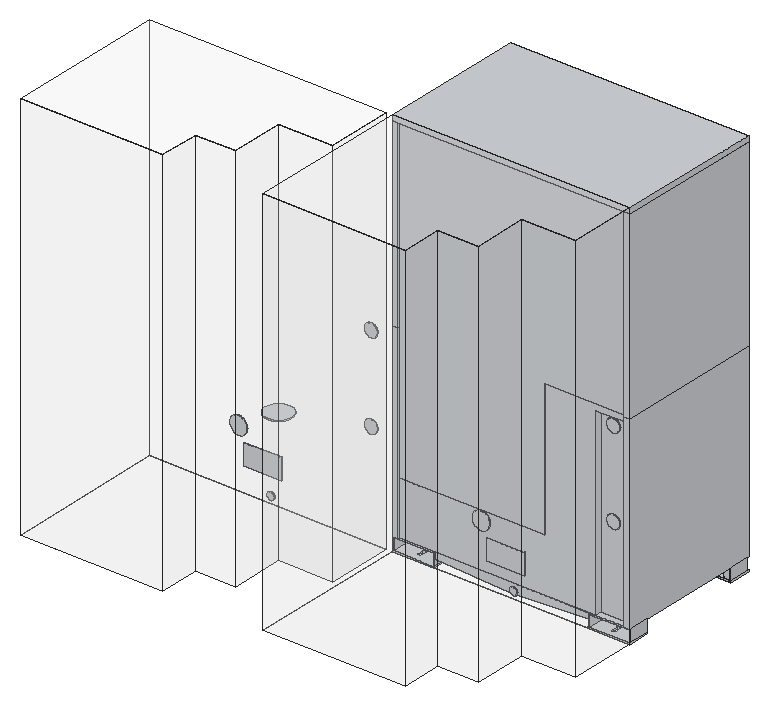
Revit family "pqhy-p224_1000(s)dmg9_60Hz", category 機械設備, Revit 2019
Family settings
  丸型コネクタ寸法 = 直径を使用
  パーツ タイプ = 標準
  OmniClass 番号 = 23.75.10.24.21.27.27
  OmniClass タイトル = Split System Air Conditioning Units
  作業面ベース = いいえ
  常に垂直 = はい
  ロード時にボイドで切り取り = いいえ
  共有 = いいえ
  部屋計算ポイント = いいえ
Parameters (values of type "PQHY-P1000SDMG9")
  音響パワーレベル(dB) = 74.5
  電源種別 = ""
  電源径 = 65.00 mm  # constant formula
  電圧 = 200 V
  電動機出力_送風機 = 0 kW
  電動機出力_圧縮機 = 24.6 kW
  集中コントローラ [instance] = ""
  運転質量 = 500.00 kg
  運転方法 = "冷暖切替"
  質量 = 0.00 kg
  負荷分類 = 1_熱源類
  説明 = "ビル用マルチエアコン 室外ユニット シティマルチWY Eeco"
  設計暖房能力 [instance] = 0 kW
  設計冷房能力_顕熱 [instance] = 0 kW
  設計冷房能力 [instance] = 0 kW
  設置方法 = "床置形"
  記号 [instance] = ""
  製造元 = "三菱電機株式会社"
  製品質量 = 490.00 kg
  製品出荷対象 = "国内"
  製品リリース年月 = "2024/4/26"
  製品グループ = ""
  系統 [instance] = ""
  符号 = "EHP"
  積算_科目 = "1 空気調和設備"
  積算_拾い区分 [instance] = ""
  相 = 3
  盤記号 [instance] = ""
  発停方法 = "付属スイッチ"
  特殊仕様 [instance] = ""
  熱源水量 = 23.04 m³/h
  熱源水管径 = 48.60 mm
  熱源水入口温度_暖房 = 20
  熱源水入口温度_冷房 = 30
  消費電力_暖房 = 17.5 kW
  消費電力_冷房 = 24.6 kW
  消費電力 = if(消費電力_冷房 > 消費電力_暖房, 消費電力_冷房, 消費電力_暖房)  # 24.6 kW
  法定耐用年数 = "15"
  水配管出口径 = 水配管入口径  # 48.60 mm
  水配管入口径 = 48.60 mm  # constant formula
  水熱交換機器　保有水量 = 18.4
  機械基礎質量 [instance] = 0.00 kg
  機械基礎_W = 0.00 mm
  機械基礎_H = 0.00 mm
  機械基礎_D = 0.00 mm
  機械基礎 [instance] = no
  極数 = 3
  材質 [instance] = ""
  本体マテリアル = none
  最小電線太さ_mm2 = 100
  最大電流値 = 121.5 A
  暖房能力 = 112 kW
  損失水頭_熱源水一次側 = 90000.0 Pa
  推奨ブレーカー容量 = 150 A
  形式 = "マルチパッケージ形 室外機"
  冷媒液管径 = 19.05 mm
  冷媒ガス管径 = 38.10 mm
  ユニット2 = PQHY-P-DMG② : PQHY-P500DMG9
  幹線記号 [instance] = ""
  始動方式 = "インバーター"
  呼称 = "マルチパッケージ形空気調和機"
  周波数 = 60 Hz
  参照している仕様書等のバージョン = "公共建築工事標準仕様書（機械設備工事編）平成31年度版"
  分類コード = "50053005200000"
  分類グループ = ""
  冷房能力 = 100 kW
  冷媒管長 [instance] = 0.00 mm
  冷媒管径符号 = "Ek"
  冷媒管径 = 100.00 mm  # constant formula
  価格 = 0
  企業コード = "108420"
  付属品 [instance] = ""
  仕様書バージョン = "Version1.0"
  ユニット数 = 2
  ユニット2電源高さ = ユニット1電源高さ  # 216.00 mm
  ユニット2電源幅 = ユニット1電源幅  # 554.00 mm
  ユニット2ダクト左位置 = ユニット1ダクト左位置  # 393.00 mm
  ユニット2ダクト下位置 = ユニット1ダクト下位置  # 89.00 mm
  ユニット2水配管出口高さ = ユニット1水配管出口高さ  # 320.00 mm
  ユニット2水配管出口幅 = ユニット1水配管出口幅  # 82.00 mm
  ユニット2水配管入口高さ = ユニット1水配管入口高さ  # 367.00 mm
  ユニット2水配管入口幅 = ユニット1水配管入口幅  # 82.00 mm
  ユニット2冷媒液管径 = 15.88 mm
  ユニット2冷媒管高さ = ユニット1冷媒管高さ  # 254.00 mm
  ユニット2冷媒管幅 = ユニット1冷媒管幅  # 467.50 mm
  ユニット2冷媒管奥行き = ユニット1冷媒管奥行き  # 82.00 mm
  ユニット2冷媒ガス管径 = 28.58 mm
  ユニット2ドレン高さ = ユニット1ドレン高さ  # 23.00 mm
  ユニット2ドレン幅 = ユニット1ドレン幅  # 434.00 mm
  ユニット2表示 = yes
  ユニット1 = PQHY-P-DMG② : PQHY-P500DMG9
  ユニット1電源高さ = 216.00 mm
  ユニット1電源幅 = 554.00 mm
  ユニット1ダクト左位置 = 393.00 mm
  ユニット1ダクト下位置 = 89.00 mm  # constant formula
  ユニット1水配管出口高さ = 320.00 mm
  ユニット1水配管出口幅 = ユニット1水配管入口幅  # 82.00 mm
  ユニット1水配管入口高さ = 367.00 mm
  ユニット1水配管入口幅 = 82.00 mm
  ユニット1冷媒液管径 = 15.88 mm
  ユニット1冷媒管高さ = 254.00 mm
  ユニット1冷媒管幅 = 467.50 mm
  ユニット1冷媒管奥行き = 82.00 mm
  ユニット1冷媒ガス管径 = 28.58 mm
  ユニット1ドレン高さ = 23.00 mm  # constant formula
  ユニット1ドレン幅 = 434.00 mm
  モデル = "PQHY-P1000SDMG9"
  ドレン管径 = 27.20 mm  # constant formula
  ダクト高 = 77 mm  # constant formula
  ダクト幅 = 140 mm  # constant formula
  サービススペース = yes
  ユニット間隔 = 20.00 mm  # constant formula
  コメント [instance] = ""
  Keynote = ""
  Width = 880.00 mm
  Version = ""
  Uniclass2015Version = "Systems v1.9"
  Uniclass2015Title = "Split coil remote air cooled condensing units"
  Uniclass2015Code = "Pr_70_65_03_84"
  URL = "https://www.mitsubishielectric.co.jp/ldg/wink/qr/002/332089/"
  SpecificationReference = ""
  SpecificationDescription = ""
  Revision = ""
  ProductInformation = ""
  OmniClassCode = "23-33 17 13 11"
  OUTLINE2 = outline_w : outline_L
  OUTLINE1 = outline_w : outline_L
  MAX風量 = 0 m³/h
  IfcTypeProduct = ""
  IfcProduct = ""
  IfcExportType = "AIRCONDITIONINGUNIT"
  IfcExportAs = "IfcUnitaryEquipmentType"
  Height = 1450.00 mm
  Depth = 550.00 mm
  Clearance Top = 0.00 mm
  Clearance Right = 0.00 mm
  Clearance Left = 0.00 mm
  Clearance Front = 600.00 mm
  Clearance Back = 0.00 mm
  COP = 0
  Author = "三菱電機株式会社"
  APF = 0
Reference planes
  plane 1: z = 0
  plane 2: z = 1450
  plane 3: z = 1450
  plane 4 "中心(正面/背面)": y = 275
  plane 5 "中心(左/右)": x = 1340
  plane 6 "左": x = 0
  plane 7 "正面": y = 0
  plane 8 "背面": y = 550
  plane 9: x = 880
  plane 10: x = 900
  plane 11: x = 1780
  plane 12: y = -150
  plane 13: y = 550
  plane 14: y = -600
  plane 15: x = 0
  plane 16: x = 1780
  plane 17: x = 440
  plane 18: y = 5
  plane 19: y = 4
  plane 20: y = 29
  plane 21: y = 28
  plane 22: x = 1698
  plane 23: x = 798
  plane 24: z = 687
  plane 25: z = 367
  plane 26: z = 367
  plane 27: z = 687
  plane 28: x = 446
  plane 29: x = 1346
  plane 30: z = 23
  plane 31: z = 23
  plane 32: x = 326
  plane 33: x = 1226
  plane 34: z = 216
  plane 35: z = 216
  plane 36: x = 487
  plane 37: x = 347
  plane 38: x = 1387
  plane 39: x = 1247
  plane 40: z = 166
  plane 41: z = 89
  plane 42: z = 166
  plane 43: z = 89
  plane 44: x = 412.5
  plane 45: x = 1312.5
  plane 46: y = 82
  plane 47: y = 82
  plane 48: z = 254
  plane 49: z = 255
  plane 50: z = 254
  plane 51: z = 255
Forms (mm)
  Extrusion 1, solid, detail levels fine
    sketch origin (0, 275, 0) x (1, 0, 0) y (0, 0, 1)
      loop
        circle (798, 687) r 24.3
      loop
        circle (798, 367) r 24.3
    from 246 to 247
  Extrusion 2, solid, visible <- "ユニット2表示", detail levels fine
    sketch origin (0, 275, 0) x (1, 0, 0) y (0, 0, 1)
      loop
        circle (1698, 687) r 24.3
      loop
        circle (1698, 367) r 24.3
    from 246 to 247
  Extrusion 3, solid, detail levels fine
    sketch origin (0, 275, 0) x (1, 0, 0) y (0, 0, 1)
      loop
        circle (446, 23) r 13.6
    from 270 to 271
  Extrusion 4, solid, visible <- "ユニット2表示", detail levels fine
    sketch origin (0, 275, 0) x (1, 0, 0) y (0, 0, 1)
      loop
        circle (1346, 23) r 13.6
    from 270 to 271
  Extrusion 5, solid, visible <- "ユニット2表示", detail levels fine
    sketch origin (0, 275, 0) x (1, 0, 0) y (0, 0, 1)
      loop
        circle (1226, 216) r 32.5
    from 270 to 271
  Extrusion 6, solid, detail levels fine
    sketch origin (0, 275, 0) x (1, 0, 0) y (0, 0, 1)
      loop
        circle (326, 216) r 32.5
    from 270 to 271
  Extrusion 7, solid, visible <- "ユニット2表示", detail levels fine
    sketch origin (0, 275, 0) x (1, 0, 0) y (0, 0, 1)
      loop
        line (1247, 166) -> (1247, 89) -> (1387, 89) -> (1387, 166) -> (1247, 166)
    from 270 to 271
  Extrusion 8, solid, detail levels fine
    sketch origin (0, 275, 0) x (1, 0, 0) y (0, 0, 1)
      loop
        line (347, 89) -> (487, 89) -> (487, 166) -> (347, 166) -> (347, 89)
    from 270 to 271
  Extrusion 9, solid, detail levels fine
    sketch origin (0, 0, 0) x (1, 0, 0) y (0, 1, 0)
      loop
        circle (412.5, 82) r 50
    from 254 to 255
  Extrusion 10, solid, visible <- "ユニット2表示", detail levels fine
    sketch origin (0, 0, 0) x (1, 0, 0) y (0, 1, 0)
      loop
        circle (1312.5, 82) r 50
    from 254 to 255
Dimensions and locks
  "Clearance Top": plane 3 to plane 2
  equal spacing: plane 7 "正面", plane 4 "中心(正面/背面)", plane 8 "背面"
  "Width": plane 6 "左" to plane 9
  "Width": plane 10 to plane 11
  "ユニット間隔": plane 9 to plane 10
  "Clearance Back": plane 13 to plane 8 "背面"
  "Clearance Front": plane 14 to plane 7 "正面"
  "Clearance Left": plane 15 to plane 6 "左"
  "Depth": plane 7 "正面" to plane 8 "背面"
  equal spacing: plane 6 "左", plane 17, plane 9
  equal spacing: plane 10, plane 5 "中心(左/右)", plane 11
  "Clearance Right": plane 11 to plane 16
  "Height": plane 2 to level
  locked: plane 19 to plane 18 at 1
  locked: plane 7 "正面" to plane 18 at 5
  locked: plane 21 to plane 20 at 1
  locked: plane 7 "正面" to plane 20 at 29
  "ユニット2水配管入口幅": plane 11 to plane 22
  "ユニット1水配管入口幅": plane 9 to plane 23
  "ユニット1水配管入口高さ": plane 25 to plane 1
  "ユニット1水配管出口高さ": plane 24 to plane 25
  "ユニット2水配管入口高さ": plane 26 to plane 1
  "ユニット2水配管出口高さ": plane 27 to plane 26
  "ユニット2ドレン高さ": plane 30 to plane 1
  "ユニット1ドレン幅": plane 9 to plane 28
  "ユニット2ドレン幅": plane 11 to plane 29
  "ユニット1ドレン高さ": plane 31 to plane 1
  "ユニット1電源高さ": plane 35 to plane 1
  "ユニット1電源幅": plane 9 to plane 32
  "ユニット2電源高さ": plane 34 to plane 1
  "ユニット2電源幅": plane 11 to plane 33
  "ユニット1ダクト左位置": plane 9 to plane 36
  "ダクト幅": plane 36 to plane 37
  "ユニット2ダクト左位置": plane 11 to plane 38
  "ダクト幅": plane 38 to plane 39
  "ユニット1ダクト下位置": plane 41 to plane 1
  "ダクト高": plane 42 to plane 43
  "ユニット2ダクト下位置": plane 43 to plane 1
  "ダクト高": plane 40 to plane 41
  "ユニット1冷媒管奥行き": plane 7 "正面" to plane 46
  "ユニット2冷媒管奥行き": plane 7 "正面" to plane 47
  "ユニット1冷媒管幅": plane 9 to plane 44
  "ユニット2冷媒管幅": plane 11 to plane 45
  locked: plane 49 to plane 48 at 1
  locked: plane 51 to plane 50 at 1
  "ユニット1冷媒管高さ": plane 48 to plane 1
  "ユニット2冷媒管高さ": plane 50 to plane 1
  "水配管出口径": diameter of Extrusion 1 sketch curve
  "水配管入口径": diameter of Extrusion 1 sketch curve
  "水配管出口径": diameter of Extrusion 2 sketch curve
  "水配管入口径": diameter of Extrusion 2 sketch curve
  "ドレン管径": diameter of Extrusion 3 sketch curve
  "ドレン管径": diameter of Extrusion 4 sketch curve
  "電源径": diameter of Extrusion 6 sketch curve
  "電源径": diameter of Extrusion 5 sketch curve
  "冷媒管径": diameter of Extrusion 9 sketch curve
  "冷媒管径": diameter of Extrusion 10 sketch curve
  aligned and locked: level to plane 1
  aligned and locked: nested 1 to plane 14
  aligned and locked: plane 1 to nested 1
  aligned and locked: plane 3 to nested 1
  aligned and locked: plane 4 "中心(正面/背面)" to nested 2
  aligned and locked: plane 7 "正面" to nested 1
  aligned and locked: nested 3 to plane 14
  aligned and locked: plane 7 "正面" to nested 3
  aligned and locked: plane 3 to nested 3
  aligned and locked: plane 24 to Extrusion 1 sketch curve
  aligned and locked: plane 25 to Extrusion 1 sketch curve
  aligned and locked: plane 23 to Extrusion 1 sketch curve  (x2)
  aligned and locked: Extrusion 1 to plane 20
  aligned and locked: plane 21 to Extrusion 1
  aligned and locked: plane 27 to Extrusion 2 sketch curve
  aligned and locked: plane 22 to Extrusion 2 sketch curve  (x2)
  aligned and locked: plane 26 to Extrusion 2 sketch curve
  aligned and locked: Extrusion 2 to plane 20
  aligned and locked: plane 21 to Extrusion 2
  aligned and locked: plane 28 to Extrusion 3 sketch curve
  aligned and locked: plane 30 to Extrusion 4 sketch curve
  aligned and locked: plane 29 to Extrusion 4 sketch curve
  aligned and locked: Extrusion 4 to plane 18
  aligned and locked: plane 19 to Extrusion 4
  aligned and locked: plane 18 to Extrusion 3
  aligned and locked: plane 19 to Extrusion 3
  aligned and locked: plane 31 to Extrusion 3 sketch curve
  aligned and locked: plane 35 to Extrusion 6 sketch curve
  aligned and locked: plane 32 to Extrusion 6 sketch curve
  aligned and locked: plane 34 to Extrusion 5 sketch curve
  aligned and locked: plane 33 to Extrusion 5 sketch curve
  aligned and locked: Extrusion 6 to plane 18
  aligned and locked: plane 19 to Extrusion 6
  aligned and locked: Extrusion 5 to plane 18
  aligned and locked: plane 19 to Extrusion 5
  aligned and locked: Extrusion 7 sketch curve to plane 42
  aligned and locked: plane 39 to Extrusion 7 sketch curve
  aligned and locked: plane 43 to Extrusion 7 sketch curve
  aligned and locked: Extrusion 7 sketch curve to plane 38
  aligned and locked: Extrusion 7 to plane 18
  aligned and locked: plane 19 to Extrusion 7
  aligned and locked: Extrusion 8 sketch curve to plane 41
  aligned and locked: plane 37 to Extrusion 8 sketch curve
  aligned and locked: plane 40 to Extrusion 8 sketch curve
  aligned and locked: Extrusion 8 sketch curve to plane 36
  aligned and locked: Extrusion 8 to plane 18
  aligned and locked: plane 19 to Extrusion 8
  aligned and locked: plane 46 to Extrusion 9 sketch curve
  aligned and locked: plane 44 to Extrusion 9 sketch curve
  aligned and locked: plane 47 to Extrusion 10 sketch curve
  aligned and locked: plane 45 to Extrusion 10 sketch curve
  aligned and locked: plane 51 to Extrusion 10
  aligned and locked: Extrusion 10 to plane 50
  aligned and locked: plane 49 to Extrusion 9
  aligned and locked: Extrusion 9 to plane 48
  aligned and locked: plane 10 to nested 2
  aligned and locked: nested 2 to plane 16
  aligned and locked: plane 15 to nested 4
  aligned and locked: nested 4 to plane 9
  aligned and locked: plane 4 "中心(正面/背面)" to nested 5
  aligned and locked: plane 17 to nested 5
  aligned and locked: plane 4 "中心(正面/背面)" to nested 6
  aligned and locked: plane 5 "中心(左/右)" to nested 6
Nested families
  nested 1: "サービススペース(pqhy-p)" at (1340, -300, 725), type "サービススペース(pqhy-p)"
    with 表示 yes, Width 880.00 mm, Height 1450.00 mm, Depth 600.00 mm
  nested 2: "PQHY-P-DMG②" at (1340, 275, 0), type <- "ユニット1", ⑥水配管-径 <- "水配管入口径", ⑧ドレン-H <- "ユニット1ドレン高さ", ⑧ドレン-W <- "ユニット1ドレン幅", ⑧ドレン-径 <- "ドレン管径", ⑥水配管-H <- "ユニット1水配管入口高さ", ⑥水配管-W <- "ユニット1水配管入口幅", ⑦水配管-H <- "ユニット1水配管出口高さ", ①-H <- "ユニット1ダクト下位置", ①-W <- "ユニット1ダクト左位置", ①配管用-H <- "ダクト高", ①配管用-W <- "ダクト幅", ③電源-H <- "ユニット1電源高さ", ③電源-W <- "ユニット1電源幅", ③電源-径 <- "電源径", 圧-径 <- "冷媒管径", マテリアル1 <- "本体マテリアル", 液-H <- "ユニット1冷媒管高さ", ガス-径 <- "ユニット1冷媒ガス管径", 液-径 <- "ユニット1冷媒液管径", type "PQHY-P500DMG9"
    with 高 1450.00 mm, 液-径 15.88 mm, 液-W 83.00 mm, 液-H 254.00 mm, 液-D 82.00 mm, 幅 880.00 mm, 奥行 550.00 mm, 圧-径 100.00 mm, 吊りボルト-径 14.00 mm, 吊りボルト-W 721.00 mm, 吊りボルト-D 473.00 mm, ユニット表示 yes, マテリアル2 none, マテリアル1 none, ガス-径 28.58 mm, ガス-W 426.00 mm, ガス-H 188.00 mm, ガス-D 84.00 mm, ⑧ドレン-径 27.20 mm, ⑧ドレン-W 434.00 mm, ⑧ドレン-H 23.00 mm, ⑦水配管-径 48.60 mm, ⑦水配管-W 82.00 mm, ⑦水配管-H 320.00 mm, ⑥水配管-径 48.60 mm, ⑥水配管-W 82.00 mm, ⑥水配管-H 367.00 mm, ③電源-径 65.00 mm, ③電源-W 554.00 mm, ③電源-H 216.00 mm, ①配管用-W 140.00 mm, ①配管用-H 77.00 mm, ①-W 393.00 mm, ①-H 89.00 mm
  nested 3: "サービススペース(pqhy-p)" at (440, -300, 725), 表示 <- "ユニット2表示", type "サービススペース(pqhy-p)"
    with 表示 yes, Width 880.00 mm, Height 1450.00 mm, Depth 600.00 mm
  nested 4: "PQHY-P-DMG②" at (440, 275, 0), マテリアル1 <- "本体マテリアル", ①-H <- "ユニット2ダクト下位置", ①-W <- "ユニット2ダクト左位置", ①配管用-H <- "ダクト高", ①配管用-W <- "ダクト幅", ③電源-H <- "ユニット2電源高さ", ③電源-W <- "ユニット2電源幅", ③電源-径 <- "電源径", ⑥水配管-H <- "ユニット2水配管入口高さ", ⑥水配管-W <- "ユニット2水配管入口幅", ⑥水配管-径 <- "水配管入口径", ⑦水配管-H <- "ユニット2水配管出口高さ", ⑧ドレン-H <- "ユニット2ドレン高さ", ⑧ドレン-W <- "ユニット2ドレン幅", ⑧ドレン-径 <- "ドレン管径", 圧-径 <- "冷媒管径", ユニット表示 <- "ユニット2表示", ガス-径 <- "ユニット1冷媒ガス管径", 液-径 <- "ユニット2冷媒液管径", type <- "ユニット2", type "PQHY-P500DMG9", not visible, detail levels fine
    with 高 1450.00 mm, 液-径 15.88 mm, 液-W 83.00 mm, 液-H 254.00 mm, 液-D 82.00 mm, 幅 880.00 mm, 奥行 550.00 mm, 圧-径 100.00 mm, 吊りボルト-径 14.00 mm, 吊りボルト-W 721.00 mm, 吊りボルト-D 473.00 mm, ユニット表示 yes, マテリアル2 none, マテリアル1 none, ガス-径 28.58 mm, ガス-W 426.00 mm, ガス-H 188.00 mm, ガス-D 84.00 mm, ⑧ドレン-径 27.20 mm, ⑧ドレン-W 434.00 mm, ⑧ドレン-H 23.00 mm, ⑦水配管-径 48.60 mm, ⑦水配管-W 82.00 mm, ⑦水配管-H 320.00 mm, ⑥水配管-径 48.60 mm, ⑥水配管-W 82.00 mm, ⑥水配管-H 367.00 mm, ③電源-径 65.00 mm, ③電源-W 554.00 mm, ③電源-H 216.00 mm, ①配管用-W 140.00 mm, ①配管用-H 77.00 mm, ①-W 393.00 mm, ①-H 89.00 mm
  nested 5: "outline_w" at (440, 275, 0), type <- "OUTLINE2", ユニット2 <- "ユニット2表示", OUTLINE表示 <- "ユニット2表示", Height <- "Height", type "outline_L", detail levels coarse+medium
    with ユニット2 yes, Width 880.00 mm, OUTLINE表示 yes, Height 1450.00 mm, Depth 550.00 mm
  nested 6: "outline_w" at (1340, 275, 0), type <- "OUTLINE1", Height <- "Height", type "outline_L"
    with ユニット2 yes, Width 880.00 mm, OUTLINE表示 yes, Height 1450.00 mm, Depth 550.00 mm
Connectors
  piping at (1312.5, 82, 254), diameter 100, driven by "冷媒管径", driven by "冷媒管径符号"
    settings: on Extrusion 10, index 1, connector inside diameter 609.60 mm, connector length 0.00 mm, flow factor 0, pipe flow 0.0 m³/h, pressure drop 0.0 Pa, fitting loss kfactor 0, connector angle 0.00°, fixture units 0, engagement length 0.00 mm, angle of deflection 0.00°, flow configuration 1, flow direction 2, fitting loss method 4, system type 7, joint type 0, gender type 0, connector reference index -1, connector utility 0, adjustable connector no, is connector primary yes, connector description "Ek"
  piping at (412.5, 82, 254), diameter 100, driven by "冷媒管径", driven by "冷媒管径符号"
    settings: on Extrusion 9, index 2, connector inside diameter 609.60 mm, connector length 0.00 mm, flow factor 0, pipe flow 0.0 m³/h, pressure drop 0.0 Pa, fitting loss kfactor 0, connector angle 0.00°, fixture units 0, engagement length 0.00 mm, angle of deflection 0.00°, flow configuration 1, flow direction 2, fitting loss method 4, system type 7, joint type 0, gender type 0, connector reference index -1, connector utility 0, adjustable connector no, is connector primary no, connector description "Ek"
  electrical at (1226, 4, 216), driven by "極数", driven by "負荷分類", driven by "電圧", driven by "消費電力"
    settings: on Extrusion 5, index 3, voltage 200 V, apparent load 24600 VA, apparent load phase1 0 VA, apparent load phase2 0 VA, apparent load phase3 0 VA, power factor 1, load classification "1_熱源類", number of poles 3, system type 30, power factor state 1, is connector primary yes, connector utility no, sub classification motor no, connector description ""
  electrical at (326, 4, 216), driven by "極数", driven by "負荷分類", driven by "電圧", driven by "消費電力"
    settings: on Extrusion 6, index 4, voltage 200 V, apparent load 24600 VA, apparent load phase1 0 VA, apparent load phase2 0 VA, apparent load phase3 0 VA, power factor 1, load classification "1_熱源類", number of poles 3, system type 30, power factor state 1, is connector primary no, connector utility no, sub classification motor no, connector description ""
  hvac at (1317, 4, 127.5), driven by "ダクト高", driven by "ダクト幅", driven by "冷媒管径符号"
    settings: on Extrusion 7, index 5, duct flow 0 m³/h, flow factor 0, pres drop 0.0 Pa, loss coef 0, conn angle 0.00°, conn width 140 mm, conn height 77 mm, conn diameter 609.6 mm, duct sys type 29, conn prof type 1, flow config 1, flow direction 2, loss method 4, conn ref index -1, conn util no, is conn primary yes, conn desc "Ek"
  hvac at (417, 4, 127.5), driven by "ダクト高", driven by "ダクト幅", driven by "冷媒管径符号"
    settings: on Extrusion 8, index 6, duct flow 0 m³/h, flow factor 0, pres drop 0.0 Pa, loss coef 0, conn angle 0.00°, conn width 140 mm, conn height 77 mm, conn diameter 609.6 mm, duct sys type 29, conn prof type 1, flow config 1, flow direction 2, loss method 4, conn ref index -1, conn util no, is conn primary no, conn desc "Ek"
  piping at (1346, 4, 23), diameter 27.2, driven by "ドレン管径"
    settings: on Extrusion 4, index 7, connector inside diameter 609.60 mm, connector length 0.00 mm, flow factor 0, pipe flow 0.0 m³/h, pressure drop 0.0 Pa, fitting loss kfactor 0, connector angle 0.00°, fixture units 0, engagement length 0.00 mm, angle of deflection 0.00°, flow configuration 1, flow direction 2, fitting loss method 4, system type 16, joint type 0, gender type 0, connector reference index -1, connector utility 0, adjustable connector no, is connector primary no, connector description ""
  piping at (446, 4, 23), diameter 27.2, driven by "ドレン管径"
    settings: on Extrusion 3, index 8, connector inside diameter 609.60 mm, connector length 0.00 mm, flow factor 0, pipe flow 0.0 m³/h, pressure drop 0.0 Pa, fitting loss kfactor 0, connector angle 0.00°, fixture units 0, engagement length 0.00 mm, angle of deflection 0.00°, flow configuration 1, flow direction 2, fitting loss method 4, system type 16, joint type 0, gender type 0, connector reference index -1, connector utility 0, adjustable connector no, is connector primary no, connector description ""
  piping at (798, 28, 367), diameter 48.6, driven by "水配管入口径", driven by "熱源水量", driven by "損失水頭_熱源水一次側"
    settings: on Extrusion 1, index 9, connector inside diameter 609.60 mm, connector length 0.00 mm, flow factor 0, pipe flow 23.04 m³/h, pressure drop 90000.0 Pa, fitting loss kfactor 0, connector angle 0.00°, fixture units 0, engagement length 0.00 mm, angle of deflection 0.00°, flow configuration 1, flow direction 1, fitting loss method 4, system type 8, joint type 0, gender type 0, connector reference index -1, connector utility 0, adjustable connector no, is connector primary no, connector description ""
  piping at (798, 28, 687), diameter 48.6, driven by "水配管出口径", driven by "熱源水量", driven by "損失水頭_熱源水一次側"
    settings: on Extrusion 1, index 10, connector inside diameter 609.60 mm, connector length 0.00 mm, flow factor 0, pipe flow 23.04 m³/h, pressure drop 90000.0 Pa, fitting loss kfactor 0, connector angle 0.00°, fixture units 0, engagement length 0.00 mm, angle of deflection 0.00°, flow configuration 1, flow direction 2, fitting loss method 4, system type 7, joint type 0, gender type 0, connector reference index -1, connector utility 0, adjustable connector no, is connector primary no, connector description ""
  piping at (1698, 28, 687), diameter 48.6, driven by "水配管出口径", driven by "熱源水量", driven by "損失水頭_熱源水一次側"
    settings: on Extrusion 2, index 11, connector inside diameter 609.60 mm, connector length 0.00 mm, flow factor 0, pipe flow 23.04 m³/h, pressure drop 90000.0 Pa, fitting loss kfactor 0, connector angle 0.00°, fixture units 0, engagement length 0.00 mm, angle of deflection 0.00°, flow configuration 1, flow direction 2, fitting loss method 4, system type 7, joint type 0, gender type 0, connector reference index -1, connector utility 0, adjustable connector no, is connector primary no, connector description ""
  piping at (1698, 28, 367), diameter 48.6, driven by "水配管入口径", driven by "熱源水量", driven by "損失水頭_熱源水一次側"
    settings: on Extrusion 2, index 12, connector inside diameter 609.60 mm, connector length 0.00 mm, flow factor 0, pipe flow 23.04 m³/h, pressure drop 90000.0 Pa, fitting loss kfactor 0, connector angle 0.00°, fixture units 0, engagement length 0.00 mm, angle of deflection 0.00°, flow configuration 1, flow direction 1, fitting loss method 4, system type 8, joint type 0, gender type 0, connector reference index -1, connector utility 0, adjustable connector no, is connector primary no, connector description ""
Definition of nested family "サービススペース(pqhy-p)"
  Parameters (values of type "サービススペース")
    表示 [instance] = yes
    Width [instance] = 880.00 mm
    Height [instance] = 500.00 mm
    Depth [instance] = 600.00 mm
  Reference planes
    plane 1 "中心(正面/背面)": y = 0
    plane 2: z = 0
    plane 3 "中心(左/右)": x = 0
    plane 4: y = -300
    plane 5: x = 440
    plane 6: y = 300
    plane 7: x = -440
    plane 8: z = 250
    plane 9: z = -250
    plane 10: y = 50
    plane 11: y = -150
    plane 12: x = 240
    plane 13: x = 90
  Forms (mm)
    Extrusion 1, solid, visible <- "表示"
      sketch origin (-638.939, 0, 72.39) x (1, 0, 0) y (0, 1, 0)
        loop
          line (198.939, 300) -> (198.939, -300) -> (728.939, -300) -> (728.939, -150) -> (878.939, -150) -> (878.939, 50) -> (1078.939, 50) -> (1078.939, 300) -> (198.939, 300)
      from -322.39 to 177.61
  Lines and regions (mm)
    symbolic lines
      curve 1: line (-440, 0, 250) -> (440, 0, 250)
      curve 2: line (-440, 0, -250) -> (-440, 0, 250)
      curve 3: line (440, 0, -250) -> (-440, 0, -250)
      curve 4: line (440, 0, 250) -> (440, 0, -250)
      curve 5: line (0, -300, 250) -> (0, 300, 250)
      curve 6: line (0, -300, -250) -> (0, -300, 250)
      curve 7: line (0, 300, -250) -> (0, -300, -250)
      curve 8: line (0, 300, 250) -> (0, 300, -250)
    symbolic lines, visible <- "表示"
      curve 9: line (-440, 300, 0) -> (440, 300, 0)
      curve 10: line (-440, -300, 0) -> (-440, 300, 0)
      curve 11: line (90, -300, 0) -> (-440, -300, 0)
      curve 12: line (440, 300, 0) -> (440, 50, 0)
      curve 13: line (240, 50, 0) -> (440, 50, 0)
      curve 14: line (240, -150, 0) -> (240, 50, 0)
      curve 15: line (90, -150, 0) -> (240, -150, 0)
      curve 16: line (90, -300, 0) -> (90, -150, 0)
  Dimensions and locks
    equal spacing: plane 7, plane 3 "中心(左/右)", plane 5
    equal spacing: plane 4, plane 1 "中心(正面/背面)", plane 6
    "Depth": plane 4 to plane 6
    "Width": plane 7 to plane 5
    equal spacing: plane 8, plane 2, plane 9
    "Height": plane 8 to plane 9
    locked: plane 10 to plane 6 at 250
    locked: plane 11 to plane 6 at 450
    locked: plane 12 to plane 5 at 200
    locked: plane 13 to plane 5 at 350
    aligned and locked: plane 9 to curve 3
    aligned and locked: plane 7 to curve 2
    aligned and locked: curve 4 to plane 5
    aligned and locked: plane 5 to Extrusion 1
    aligned and locked: Extrusion 1 to plane 7
    aligned and locked: Extrusion 1 to plane 9
    aligned and locked: plane 8 to Extrusion 1
    aligned and locked: plane 9 to curve 7
    aligned and locked: Extrusion 1 sketch curve to plane 10
    aligned and locked: Extrusion 1 sketch curve to plane 12
    aligned and locked: Extrusion 1 sketch curve to plane 13
    aligned and locked: Extrusion 1 sketch curve to plane 11
    aligned and locked: curve 13 to Extrusion 1
    aligned and locked: curve 14 to Extrusion 1
    aligned and locked: curve 15 to Extrusion 1
    aligned and locked: curve 16 to Extrusion 1
  Automatic sketch dimensions
    plane 4 to Extrusion 1 sketch curve = 0.00 mm
    Extrusion 1 sketch curve to plane 7 = 0.00 mm
    plane 6 to Extrusion 1 sketch curve = 0.00 mm
    curve 2 to plane 8 = 0.00 mm
    plane 4 to curve 11 = 0.00 mm
    curve 11 to plane 7 = 0.00 mm
    plane 6 to curve 10 = 0.00 mm
    curve 7 to plane 4 = 0.00 mm
    curve 7 to plane 6 = 0.00 mm
    curve 6 to plane 8 = 0.00 mm
    Extrusion 1 sketch curve to plane 5 = 0.00 mm
    curve 12 to plane 5 = 0.00 mm
Definition of nested family "PQHY-P-DMG②"
  Parameters (values of type "PQHY-P670DMG9")
    高 [instance] = 1450.00 mm
    液-径 [instance] = 19.05 mm
    液-W [instance] = 83.00 mm
    液-H [instance] = 254.00 mm
    液-D [instance] = 82.00 mm
    圧-径 [instance] = 100.00 mm
    ガス-径 [instance] = 25.40 mm
    ガス-W [instance] = 426.00 mm
    ガス-H [instance] = 188.00 mm
    ガス-D [instance] = 84.00 mm
    ⑦水配管-径 [instance] = [⑥水配管-径]  # 52.00 mm
    ⑦水配管-W [instance] = [⑥水配管-W]  # 82.00 mm
    ⑦水配管-H [instance] = 320.00 mm
    ⑥水配管-径 [instance] = 52.00 mm
    ⑥水配管-W [instance] = 82.00 mm
    ⑥水配管-H [instance] = 367.00 mm
    ③電源-径 [instance] = 65.00 mm
    ③電源-W [instance] = 554.00 mm
    ③電源-H [instance] = 216.00 mm
    ユニット表示 [instance] = yes
    幅 [instance] = 880.00 mm
    奥行 [instance] = 550.00 mm
    吊りボルト-径 [instance] = 14.00 mm
    吊りボルト-W [instance] = 721.00 mm
    吊りボルト-D [instance] = 473.00 mm
    マテリアル2 [instance] = none
    マテリアル1 [instance] = none
    ⑧ドレン-径 [instance] = 26.00 mm
    ⑧ドレン-W [instance] = 434.00 mm
    ⑧ドレン-H [instance] = 23.00 mm
    ①配管用-W [instance] = 140.00 mm
    ①配管用-H [instance] = 77.00 mm
    ①-W [instance] = 393.00 mm
    ①-H [instance] = 89.00 mm
  Types (7): name
    PQHY-P670DMG9
    PQHY-P630DMG9
    PQHY-P560DMG9
    PQHY-P500DMG9
    PQHY-P450DMG9
    PQHY-P400DMG9
    PQHY-P355KDMG9
  Reference planes
    plane 1 "中心(正面/背面)": y = 0
    plane 2: z = 0
    plane 3 "中心(左/右)": x = 0
    plane 4: x = 440
    plane 5: x = -440
    plane 6: y = 275
    plane 7: y = -275
    plane 8: z = 1450
    plane 9: z = 250
    plane 10: z = 750
    plane 11: z = 1430
    plane 12: x = 420
    plane 13: x = -420
    plane 14: x = 290
    plane 15: z = 50
    plane 16: y = -246
    plane 17: y = 270
    plane 18: y = -270
    plane 19: y = 236.5
    plane 20: y = -236.5
    plane 21: x = 360.5
    plane 22: x = -360.5
    plane 23: y = 195
    plane 24: y = -195
    plane 25: x = -285
    plane 26: x = 285
    plane 27: z = 23
    plane 28: x = 6
    plane 29: x = -114
    plane 30: z = 216
    plane 31: y = -193
    plane 32: x = 14
    plane 33: x = -69
    plane 34: z = 254
    plane 35: z = 354
    plane 36: y = -247
    plane 37: y = -271
    plane 38: y = -274
    plane 39: y = 271
    plane 40: z = 367
    plane 41: z = 687
    plane 42: x = 358
    plane 43: x = 19
    plane 44: x = 47
    plane 45: x = -93
    plane 46: z = 216
    plane 47: z = 89
    plane 48: z = 166
    plane 49: x = -27.5
    plane 50: y = -191
  Forms (mm)
    Extrusion 1, solid, material <- "マテリアル2", visible <- "ユニット表示", detail levels fine
      sketch origin (0, 0, 0) x (1, 0, 0) y (0, 1, 0)
        loop
          line (-440, 275) -> (-440, -275) -> (-420, -275) -> (-420, 275) -> (-440, 275)
        loop
          line (420, 275) -> (420, -275) -> (440, -275) -> (440, 275) -> (420, 275)
      from 50 to 750
    Extrusion 2, solid, material <- "マテリアル2", visible <- "ユニット表示", detail levels fine
      sketch origin (0, 0, 0) x (1, 0, 0) y (0, 1, 0)
        loop
          line (-420, -270) -> (290, -270) -> (290, 0) -> (420, 0) -> (420, 195) -> (-420, 195) -> (-420, -270)
      from 50 to 250
    Extrusion 3, solid, material <- "マテリアル2", visible <- "ユニット表示", detail levels fine
      sketch origin (0, 0, 0) x (1, 0, 0) y (0, 0, 1)
        loop
          line (420, 50) -> (420, 730) -> (310, 730) -> (310, 50) -> (420, 50)
      from 0 to 246
    Extrusion 4, solid, material <- "マテリアル1", visible <- "ユニット表示", detail levels fine
      sketch origin (-1437.329, -1524, 250) x (-1, 0, 0) y (0, -1, 0)
        loop
          line (-1017.329, -1719) -> (-1017.329, -1254) -> (-1557.329, -1254) -> (-1557.329, -1524) -> (-1857.329, -1524) -> (-1857.329, -1719) -> (-1017.329, -1719)
      from 0 to 500
    Extrusion 5, solid, material <- "マテリアル1", visible <- "ユニット表示", detail levels fine
      sketch origin (-1437.329, -1524, 250) x (-1, 0, 0) y (0, -1, 0)
        loop
          line (-1857.329, -1799) -> (-1857.329, -1249) -> (-1877.329, -1249) -> (-1877.329, -1799) -> (-1857.329, -1799)
        loop
          line (-997.329, -1799) -> (-997.329, -1249) -> (-1017.329, -1249) -> (-1017.329, -1799) -> (-997.329, -1799)
      from 500 to 1180
    Extrusion 6, solid, material <- "マテリアル1", visible <- "ユニット表示", detail levels fine
      sketch origin (-1437.329, -1524, 250) x (-1, 0, 0) y (0, -1, 0)
        loop
          line (-1017.329, -1719) -> (-1017.329, -1254) -> (-1857.329, -1254) -> (-1857.329, -1719) -> (-1017.329, -1719)
      from 500 to 1180
    Extrusion 7, solid, material <- "マテリアル2", visible <- "ユニット表示", detail levels fine
      sketch origin (0, 0, 0) x (1, 0, 0) y (0, 0, 1)
        loop
          line (290, 750) -> (290, 50) -> (310, 50) -> (310, 730) -> (420, 730) -> (420, 750) -> (290, 750)
      from 0 to 270
    Extrusion 8, solid, material <- "マテリアル1", visible <- "ユニット表示", detail levels fine
      sketch origin (-1437.329, -1524, 250) x (-1, 0, 0) y (0, -1, 0)
        loop
          line (-997.329, -1799) -> (-997.329, -1249) -> (-1877.329, -1249) -> (-1877.329, -1799) -> (-997.329, -1799)
      from 1180 to 1200
    Extrusion 9, solid, material <- "マテリアル2", visible <- "ユニット表示", detail levels fine
      sketch origin (0, 0, 0) x (1, 0, 0) y (0, 1, 0)
        loop
          line (-440, 275) -> (-440, 195) -> (-285, 195) -> (-285, 275) -> (-440, 275)
        loop
          line (440, 275) -> (285, 275) -> (285, 195) -> (440, 195) -> (440, 275)
        loop
          line (285, -195) -> (285, -275) -> (440, -275) -> (440, -195) -> (285, -195)
        loop
          line (-440, -195) -> (-440, -275) -> (-285, -275) -> (-285, -195) -> (-440, -195)
        loop
          arc (-353.5, 245) -> (-360.5, 252) -> (-367.5, 245) r 7
          line (-367.5, 245) -> (-367.5, 228)
          arc (-367.5, 228) -> (-360.5, 221) -> (-353.5, 228) r 7
          line (-353.5, 228) -> (-353.5, 245)
        loop
          line (353.5, 245) -> (353.5, 228)
          arc (353.5, 228) -> (360.5, 221) -> (367.5, 228) r 7
          line (367.5, 228) -> (367.5, 245)
          arc (367.5, 245) -> (360.5, 252) -> (353.5, 245) r 7
        loop
          arc (353.5, -245) -> (360.5, -252) -> (367.5, -245) r 7
          line (367.5, -245) -> (367.5, -228)
          arc (367.5, -228) -> (360.5, -221) -> (353.5, -228) r 7
          line (353.5, -228) -> (353.5, -245)
        loop
          line (-353.5, -245) -> (-353.5, -228)
          arc (-353.5, -228) -> (-360.5, -221) -> (-367.5, -228) r 7
          line (-367.5, -228) -> (-367.5, -245)
          arc (-367.5, -245) -> (-360.5, -252) -> (-353.5, -245) r 7
      from 0 to 5
    Extrusion 10, solid, material <- "マテリアル2", visible <- "ユニット表示", detail levels fine
      sketch origin (0, 0, 0) x (1, 0, 0) y (0, 0, 1)
        loop
          line (285, 50) -> (285, 5) -> (290, 5) -> (290, 45) -> (435, 45) -> (435, 5) -> (440, 5) -> (440, 50) -> (285, 50)
      from 195 to 270
    Extrusion 11, solid, material <- "マテリアル2", visible <- "ユニット表示", detail levels fine
      sketch origin (0, 0, 0) x (1, 0, 0) y (0, 0, 1)
        loop
          line (290, 45) -> (290, 5) -> (310, 5) -> (310, 10)
          arc (310, 10) -> (314.393, 20.607) -> (325, 25) r 15
          line (325, 25) -> (400, 25)
          arc (400, 25) -> (410.607, 20.607) -> (415, 10) r 15
          line (415, 10) -> (415, 5) -> (435, 5) -> (435, 45) -> (290, 45)
      from 195 to 200
    Extrusion 12, solid, material <- "マテリアル2", visible <- "ユニット表示", detail levels fine
      sketch origin (0, 0, 0) x (1, 0, 0) y (0, 0, -1)
        loop
          line (285, -50) -> (440, -50) -> (440, -5) -> (435, -5) -> (435, -45) -> (290, -45) -> (290, -5) -> (285, -5) -> (285, -50)
      from 195 to 270
    Extrusion 13, solid, material <- "マテリアル2", visible <- "ユニット表示", detail levels fine
      sketch origin (0, 0, 0) x (1, 0, 0) y (0, 0, -1)
        loop
          line (290, -45) -> (435, -45) -> (435, -5) -> (415, -5) -> (415, -10)
          arc (415, -10) -> (410.607, -20.607) -> (400, -25) r 15
          line (400, -25) -> (325, -25)
          arc (325, -25) -> (314.393, -20.607) -> (310, -10) r 15
          line (310, -10) -> (310, -5) -> (290, -5) -> (290, -45)
      from 195 to 200
    Extrusion 14, solid, material <- "マテリアル2", visible <- "ユニット表示", detail levels fine
      sketch origin (0, 0, 0) x (-1, 0, 0) y (0, 0, 1)
        loop
          line (285, 50) -> (285, 5) -> (290, 5) -> (290, 45) -> (435, 45) -> (435, 5) -> (440, 5) -> (440, 50) -> (285, 50)
      from 195 to 270
    Extrusion 15, solid, material <- "マテリアル2", visible <- "ユニット表示", detail levels fine
      sketch origin (0, 0, 0) x (-1, 0, 0) y (0, 0, 1)
        loop
          line (290, 45) -> (290, 5) -> (310, 5) -> (310, 10)
          arc (310, 10) -> (314.393, 20.607) -> (325, 25) r 15
          line (325, 25) -> (400, 25)
          arc (400, 25) -> (410.607, 20.607) -> (415, 10) r 15
          line (415, 10) -> (415, 5) -> (435, 5) -> (435, 45) -> (290, 45)
      from 195 to 200
    Extrusion 16, solid, material <- "マテリアル2", visible <- "ユニット表示", detail levels fine
      sketch origin (0, 0, 0) x (-1, 0, 0) y (0, 0, -1)
        loop
          line (285, -50) -> (440, -50) -> (440, -5) -> (435, -5) -> (435, -45) -> (290, -45) -> (290, -5) -> (285, -5) -> (285, -50)
      from 195 to 270
    Extrusion 17, solid, material <- "マテリアル2", visible <- "ユニット表示", detail levels fine
      sketch origin (0, 0, 0) x (-1, 0, 0) y (0, 0, -1)
        loop
          line (290, -45) -> (435, -45) -> (435, -5) -> (415, -5) -> (415, -10)
          arc (415, -10) -> (410.607, -20.607) -> (400, -25) r 15
          line (400, -25) -> (325, -25)
          arc (325, -25) -> (314.393, -20.607) -> (310, -10) r 15
          line (310, -10) -> (310, -5) -> (290, -5) -> (290, -45)
      from 195 to 200
    Extrusion 18, solid, material <- "マテリアル1", visible <- "ユニット表示", detail levels fine
      sketch origin (0, 0, 0) x (1, 0, 0) y (0, 0, 1)
        loop
          circle (6, 23) r 13
      from -271 to 271
    Extrusion 19, solid, material <- "マテリアル2", visible <- "ユニット表示", detail levels fine
      sketch origin (0, 0, 0) x (1, 0, 0) y (0, 0, 1)
        loop
          line (-285, 50) -> (-285, 27.5) -> (-6.031, 14.041)
          arc (-6.031, 14.041) -> (6.367, 8.004) -> (18.455, 14.64) r 15
          line (18.455, 14.64) -> (285, 27.5) -> (285, 50) -> (-285, 50)
      from -270 to 270
    Extrusion 20, solid, material <- "マテリアル1", visible <- "ユニット表示", detail levels fine
      sketch origin (0, 0, 0) x (1, 0, 0) y (0, 0, 1)
        loop
          circle (-114, 216) r 32.5
      from 270 to 271
    Extrusion 21, solid, material <- "マテリアル1", visible <- "ユニット表示", detail levels fine
      sketch origin (0, 0, 0) x (1, 0, 0) y (0, 1, 0)
        loop
          circle (-69, -193) r 9.525
      from 254 to 354
    Extrusion 22, solid, material <- "マテリアル2", visible <- "ユニット表示", detail levels fine
      sketch origin (0, 0, 0) x (1, 0, 0) y (0, 0, 1)
        loop
          line (120, 750) -> (120, 250) -> (290, 250) -> (290, 750) -> (120, 750)
      from 0 to 270
    Extrusion 23, solid, material <- "マテリアル1", visible <- "ユニット表示", detail levels fine
      sketch origin (0, 0, 0) x (1, 0, 0) y (0, 0, 1)
        loop
          line (-420, 50) -> (420, 50) -> (420, 1000) -> (-420, 1000) -> (-420, 50)
      from -270 to -195
    Extrusion 24, solid, material <- "マテリアル1", visible <- "ユニット表示", detail levels fine
      sketch origin (0, 0, 0) x (1, 0, 0) y (0, 0, 1)
        loop
          line (-420, 1430) -> (-420, 1000) -> (420, 1000) -> (420, 1430) -> (-420, 1430)
      from -270 to -195
    Extrusion 25, solid, material <- "マテリアル1", visible <- "ユニット表示", detail levels fine
      sketch origin (0, 0, 0) x (1, 0, 0) y (0, 0, 1)
        loop
          circle (358, 687) r 26
        loop
          circle (358, 367) r 26
      from 246 to 247
    Extrusion 26, solid, material <- "マテリアル1", visible <- "ユニット表示", detail levels fine
      sketch origin (0, 0, 0) x (1, 0, 0) y (0, 0, 1)
        loop
          line (47, 166) -> (-93, 166) -> (-93, 89) -> (47, 89) -> (47, 166)
      from 270 to 271
    Extrusion 27, solid, material <- "マテリアル1", visible <- "ユニット表示", detail levels fine
      sketch origin (0, 0, 0) x (1, 0, 0) y (0, 1, 0)
        loop
          circle (-27.5, -193) r 50
      from 254 to 354
    Extrusion 28, solid, material <- "マテリアル1", visible <- "ユニット表示", detail levels fine
      sketch origin (0, 0, 0) x (1, 0, 0) y (0, 1, 0)
        loop
          circle (14, -191) r 12.7
      from 188 to 354
  Cuts and joins
    joined: Extrusion 4, Extrusion 6
    joined: Extrusion 2, Extrusion 3, Extrusion 7, Extrusion 22
  Lines and regions (mm)
    Masking region 1, visible <- "ユニット表示", detail levels coarse+medium
      outline origin (0, 0, 0) x (1, 0, 0) y (0, 1, 0)
        loop
          line (-440, 275) -> (-440, -275) -> (440, -275) -> (440, 275) -> (-440, 275)
    symbolic lines, visible <- "ユニット表示"
      curve 1: line (-440, 275, 0) -> (440, 275, 0)
      curve 2: line (-440, -275, 0) -> (-440, 275, 0)
      curve 3: line (440, -275, 0) -> (-440, -275, 0)
      curve 4: line (440, 275, 0) -> (440, -275, 0)
  Dimensions and locks
    "高": plane 8 to level
    equal spacing: plane 7, plane 1 "中心(正面/背面)", plane 6
    "奥行": plane 7 to plane 6
    equal spacing: plane 5, plane 3 "中心(左/右)", plane 4
    "幅": plane 5 to plane 4
    locked: plane 9 to level at 250
    plane 10 to plane 9 = 500.00 mm
    locked: plane 12 to plane 4 at 20
    locked: plane 5 to plane 13 at 20
    locked: plane 8 to plane 11 at 20
    locked: plane 14 to plane 4 at 150
    locked: plane 15 to level at 50
    locked: plane 7 to plane 16 at 29
    locked: plane 10 to Extrusion 3 sketch curve at 20
    locked: Extrusion 3 sketch curve to plane 14 at 20
    locked: plane 7 to plane 18 at 5
    locked: plane 17 to plane 6 at 5
    equal spacing: plane 20, plane 1 "中心(正面/背面)", plane 19
    "吊りボルト-D": plane 20 to plane 19
    equal spacing: plane 22, plane 3 "中心(左/右)", plane 21
    "吊りボルト-W": plane 22 to plane 21
    locked: plane 26 to plane 4 at 155
    locked: plane 5 to plane 25 at 155
    locked: plane 23 to plane 6 at 80
    locked: plane 7 to plane 24 at 80
    "⑧ドレン-H": plane 27 to level
    "⑧ドレン-W": plane 4 to plane 28
    "③電源-H": plane 30 to level
    "③電源-W": plane 4 to plane 29
    "液-D": plane 7 to plane 31
    "ガス-W": plane 4 to plane 32
    "液-W": plane 32 to plane 33
    locked: plane 35 to plane 34 at 100
    "液-H": plane 34 to level
    locked: plane 17 to plane 39 at 1
    locked: plane 7 to plane 38 at 1
    locked: plane 37 to plane 18 at 1
    locked: plane 36 to plane 16 at 1
    "⑦水配管-H": plane 41 to plane 40
    "⑥水配管-H": plane 40 to level
    "⑥水配管-W": plane 4 to plane 42
    plane 46 to level = 216.00 mm
    plane 4 to plane 43 = 421.00 mm
    "①-W": plane 4 to plane 44
    "①配管用-W": plane 44 to plane 45
    "①-H": plane 47 to level
    "①配管用-H": plane 48 to plane 47
    equal spacing: plane 33, plane 49, plane 32
    "⑧ドレン-径": diameter of Extrusion 18 sketch curve
    "③電源-径": diameter of Extrusion 20 sketch curve
    "液-径": diameter of Extrusion 21 sketch curve
    radius of Extrusion 19 sketch curve = 15.00 mm
    "⑦水配管-径": diameter of Extrusion 25 sketch curve
    "⑥水配管-径": diameter of Extrusion 25 sketch curve
    "圧-径": diameter of Extrusion 27 sketch curve
    "ガス-径": diameter of Extrusion 28 sketch curve
    aligned and locked: level to plane 2
    aligned and locked: plane 6 to Extrusion 1 sketch curve  (x2)
    aligned and locked: plane 5 to Extrusion 1 sketch curve
    aligned and locked: Extrusion 1 sketch curve to plane 7  (x2)
    aligned and locked: Extrusion 1 sketch curve to plane 13
    aligned and locked: plane 12 to Extrusion 1 sketch curve
    aligned and locked: Extrusion 1 sketch curve to plane 4
    aligned and locked: Extrusion 1 to Extrusion 2 sketch curve  (x2)
    aligned and locked: Extrusion 2 sketch curve to plane 14
    aligned and locked: Extrusion 2 sketch curve to plane 1 "中心(正面/背面)"
    aligned and locked: Extrusion 2 to plane 15
    aligned and locked: Extrusion 1 to plane 15
    aligned and locked: Extrusion 3 sketch curve to Extrusion 2
    aligned and locked: Extrusion 1 to Extrusion 3 sketch curve
    aligned and locked: Extrusion 3 to plane 1 "中心(正面/背面)"
    aligned and locked: plane 9 to Extrusion 2
    aligned and locked: Extrusion 1 to Extrusion 4 sketch curve
    aligned and locked: Extrusion 4 sketch curve to Extrusion 2
    aligned and locked: Extrusion 5 sketch curve to Extrusion 1  (x6)
    aligned and locked: plane 11 to Extrusion 5
    aligned and locked: plane 10 to Extrusion 4
    aligned and locked: Extrusion 4 to plane 9
    aligned and locked: Extrusion 4 sketch curve to plane 1 "中心(正面/背面)"
    aligned and locked: Extrusion 1 to Extrusion 6 sketch curve  (x2)
    aligned and locked: plane 11 to Extrusion 6
    aligned and locked: Extrusion 6 to plane 10
    aligned and locked: plane 16 to Extrusion 3
    aligned and locked: cut or joined group of Extrusion 4, Extrusion 6 to Extrusion 7 sketch curve  (x2)
    aligned and locked: Extrusion 7 sketch curve to Extrusion 2
    aligned and locked: Extrusion 7 sketch curve to Extrusion 3  (x2)
    aligned and locked: Extrusion 2 to Extrusion 7 sketch curve
    aligned and locked: Extrusion 7 to plane 1 "中心(正面/背面)"
    aligned and locked: Extrusion 8 sketch curve to Extrusion 1  (x4)
    aligned and locked: Extrusion 8 to plane 11
    aligned and locked: plane 8 to Extrusion 8
    aligned and locked: Extrusion 2 sketch curve to plane 18
    aligned and locked: Extrusion 4 sketch curve to plane 18
    aligned and locked: Extrusion 6 sketch curve to plane 18
    aligned and locked: plane 18 to cut or joined group of Extrusion 2, Extrusion 3, Extrusion 7, Extrusion 22
    aligned and locked: Extrusion 9 sketch curve to Extrusion 8  (x3)
    aligned and locked: Extrusion 9 sketch curve to Extrusion 1  (x2)
    aligned and locked: Extrusion 9 sketch curve to plane 23
    aligned and locked: Extrusion 9 sketch curve to plane 25  (x2)
    aligned and locked: Extrusion 1 to Extrusion 9 sketch curve
    aligned and locked: plane 23 to Extrusion 9 sketch curve
    aligned and locked: Extrusion 9 sketch curve to plane 26
    aligned and locked: plane 24 to Extrusion 9 sketch curve  (x2)
    aligned and locked: plane 26 to Extrusion 9 sketch curve
    aligned and locked: plane 5 to Extrusion 9 sketch curve
    aligned and locked: Extrusion 9 sketch curve to plane 7
    aligned and locked: Extrusion 9 to level
    aligned and locked: Extrusion 10 sketch curve to plane 15
    aligned and locked: plane 26 to Extrusion 10 sketch curve
    aligned and locked: Extrusion 9 to Extrusion 10 sketch curve
    aligned and locked: Extrusion 10 sketch curve to Extrusion 9
    aligned and locked: Extrusion 10 to plane 24
    aligned and locked: cut or joined group of Extrusion 4, Extrusion 6 to Extrusion 10
    aligned and locked: Extrusion 11 sketch curve to Extrusion 10  (x4)
    aligned and locked: Extrusion 11 to plane 24
    aligned and locked: Extrusion 13 sketch curve to Extrusion 12
    aligned and locked: Extrusion 12 to Extrusion 13 sketch curve  (x3)
    aligned and locked: Extrusion 15 sketch curve to Extrusion 14
    aligned and locked: Extrusion 14 to Extrusion 15 sketch curve  (x3)
    aligned and locked: Extrusion 17 sketch curve to Extrusion 16
    aligned and locked: Extrusion 16 to Extrusion 17 sketch curve  (x3)
    aligned and locked: plane 27 to Extrusion 18 sketch curve
    aligned and locked: plane 28 to Extrusion 18 sketch curve
    aligned and locked: Extrusion 19 sketch curve to plane 15
    aligned and locked: Extrusion 19 sketch curve to plane 26
    aligned and locked: Extrusion 19 sketch curve to plane 25
    aligned and locked: Extrusion 19 to plane 17
    aligned and locked: plane 18 to Extrusion 19
    aligned and locked: plane 30 to Extrusion 20 sketch curve
    aligned and locked: plane 29 to Extrusion 20 sketch curve
    aligned and locked: Extrusion 20 to plane 18
    aligned and locked: plane 33 to Extrusion 21 sketch curve
    aligned and locked: plane 31 to Extrusion 21 sketch curve
    aligned and locked: Extrusion 21 to plane 34
    aligned and locked: plane 35 to Extrusion 21
    aligned and locked: plane 10 to Extrusion 1
    aligned and locked: Extrusion 5 to plane 10
    aligned and locked: Extrusion 2 sketch curve to plane 23
    aligned and locked: plane 23 to Extrusion 4 sketch curve
    aligned and locked: cut or joined group of Extrusion 4, Extrusion 6 to Extrusion 22 sketch curve
    aligned and locked: Extrusion 22 sketch curve to cut or joined group of Extrusion 4, Extrusion 6
    aligned and locked: cut or joined group of Extrusion 2, Extrusion 3, Extrusion 7, Extrusion 22 to Extrusion 22 sketch curve
    aligned and locked: Extrusion 22 sketch curve to cut or joined group of Extrusion 2, Extrusion 3, Extrusion 7, Extrusion 22
    aligned and locked: cut or joined group of Extrusion 4, Extrusion 6 to Extrusion 22
    aligned and locked: Extrusion 22 to plane 1 "中心(正面/背面)"
    aligned and locked: plane 23 to Extrusion 6 sketch curve
    aligned and locked: Extrusion 23 sketch curve to cut or joined group of Extrusion 2, Extrusion 3, Extrusion 7, Extrusion 22
    aligned and locked: Extrusion 23 sketch curve to Extrusion 1
    aligned and locked: plane 12 to Extrusion 23 sketch curve
    aligned and locked: Extrusion 24 sketch curve to cut or joined group of Extrusion 4, Extrusion 6  (x2)
    aligned and locked: Extrusion 24 sketch curve to Extrusion 23  (x2)
    aligned and locked: plane 23 to Extrusion 23
    aligned and locked: Extrusion 23 to plane 17
    aligned and locked: Extrusion 24 to plane 17
    aligned and locked: plane 23 to Extrusion 24
    aligned and locked: plane 20 to nested 1
    aligned and locked: plane 21 to nested 1
    aligned and locked: nested 1 to plane 19
    aligned and locked: plane 22 to nested 1
    aligned and locked: Masking region 1 sketch curve to Extrusion 8  (x2)
    aligned and locked: Masking region 1 sketch curve to Extrusion 1  (x2)
    aligned and locked: curve 1 to Extrusion 8
    aligned and locked: curve 2 to Extrusion 1
    aligned and locked: curve 3 to Extrusion 8
    aligned and locked: curve 4 to Extrusion 1
    aligned and locked: Extrusion 18 to plane 39
    aligned and locked: plane 37 to Extrusion 18
    aligned and locked: plane 27 to Extrusion 19 sketch curve
    aligned and locked: plane 28 to Extrusion 19 sketch curve
    aligned and locked: plane 37 to Extrusion 20
    aligned and locked: plane 36 to Extrusion 25
    aligned and locked: Extrusion 25 to plane 16
    aligned and locked: plane 48 to Extrusion 26 sketch curve
    aligned and locked: plane 44 to Extrusion 26 sketch curve
    aligned and locked: Extrusion 26 sketch curve to plane 47
    aligned and locked: Extrusion 26 sketch curve to plane 45
    aligned and locked: Extrusion 26 to Extrusion 18
    aligned and locked: Extrusion 26 to cut or joined group of Extrusion 4, Extrusion 6
    aligned and locked: plane 31 to Extrusion 27 sketch curve
    aligned and locked: plane 49 to Extrusion 27 sketch curve
    aligned and locked: plane 35 to Extrusion 27
    aligned and locked: Extrusion 27 to plane 34
    aligned and locked: plane 32 to Extrusion 28 sketch curve
    aligned and locked: plane 50 to Extrusion 28 sketch curve
  Automatic sketch dimensions
    plane 6 to Extrusion 5 sketch curve = 0.00 mm
    plane 7 to Extrusion 5 sketch curve = 0.00 mm
    Extrusion 9 sketch curve to plane 22 = 0.00 mm  (x2)
    Extrusion 9 sketch curve to plane 21 = 0.00 mm  (x2)
    Extrusion 9 sketch curve to plane 16 = 1.00 mm  (x2)
    Extrusion 9 sketch curve to plane 22 = 7.00 mm  (x2)
    Extrusion 9 sketch curve to plane 21 = 7.00 mm  (x2)
    Extrusion 9 sketch curve to plane 20 = 8.50 mm  (x2)
    plane 19 to Extrusion 9 sketch curve = 8.50 mm  (x2)
    Extrusion 9 sketch curve to plane 19 = 8.50 mm  (x2)
    Extrusion 10 sketch curve to plane 14 = 0.00 mm
    Extrusion 10 sketch curve to plane 4 = 5.00 mm
    level to Extrusion 10 sketch curve = 5.00 mm
    Extrusion 10 sketch curve to plane 15 = 5.00 mm
    level to Extrusion 11 sketch curve = 5.00 mm
    plane 14 to Extrusion 11 sketch curve = 20.00 mm
    Extrusion 11 sketch curve to Extrusion 11 sketch curve = 15.00 mm
    Extrusion 11 sketch curve to plane 12 = 20.00 mm
    Extrusion 11 sketch curve to plane 12 = 5.00 mm
    Extrusion 11 sketch curve to Extrusion 11 sketch curve = 5.00 mm
    Extrusion 12 sketch curve to plane 15 = 0.00 mm
    Extrusion 12 sketch curve to plane 26 = 0.00 mm
    Extrusion 12 sketch curve to plane 14 = 0.00 mm
    Extrusion 12 sketch curve to plane 4 = 0.00 mm
    Extrusion 12 sketch curve to plane 4 = 5.00 mm
    Extrusion 12 sketch curve to plane 15 = 5.00 mm
    level to Extrusion 12 sketch curve = 5.00 mm  (x2)
    level to Extrusion 13 sketch curve = 5.00 mm
    plane 14 to Extrusion 13 sketch curve = 20.00 mm
    Extrusion 13 sketch curve to Extrusion 13 sketch curve = 15.00 mm
    Extrusion 13 sketch curve to plane 12 = 20.00 mm
    Extrusion 13 sketch curve to plane 12 = 5.00 mm
    Extrusion 13 sketch curve to Extrusion 13 sketch curve = 20.00 mm
    Extrusion 14 sketch curve to plane 15 = 0.00 mm
    Extrusion 14 sketch curve to plane 25 = 0.00 mm
    Extrusion 14 sketch curve to plane 5 = 0.00 mm
    Extrusion 14 sketch curve to plane 25 = 5.00 mm
    plane 5 to Extrusion 14 sketch curve = 5.00 mm
    Extrusion 14 sketch curve to plane 15 = 5.00 mm
    level to Extrusion 14 sketch curve = 5.00 mm  (x2)
    level to Extrusion 15 sketch curve = 5.00 mm
    Extrusion 15 sketch curve to Extrusion 15 sketch curve = 20.00 mm
    Extrusion 15 sketch curve to Extrusion 15 sketch curve = 15.00 mm
    plane 13 to Extrusion 15 sketch curve = 20.00 mm
    plane 13 to Extrusion 15 sketch curve = 5.00 mm
    Extrusion 15 sketch curve to Extrusion 15 sketch curve = 5.00 mm
    Extrusion 16 sketch curve to plane 15 = 0.00 mm
    Extrusion 16 sketch curve to plane 25 = 0.00 mm
    Extrusion 16 sketch curve to plane 5 = 0.00 mm
    Extrusion 16 sketch curve to plane 25 = 5.00 mm
    plane 5 to Extrusion 16 sketch curve = 5.00 mm
    Extrusion 16 sketch curve to plane 15 = 5.00 mm
    level to Extrusion 16 sketch curve = 5.00 mm  (x2)
    level to Extrusion 17 sketch curve = 5.00 mm
    Extrusion 17 sketch curve to Extrusion 17 sketch curve = 20.00 mm  (x2)
    Extrusion 17 sketch curve to Extrusion 17 sketch curve = 15.00 mm
    plane 13 to Extrusion 17 sketch curve = 20.00 mm
    plane 13 to Extrusion 17 sketch curve = 5.00 mm
    Extrusion 4 sketch curve to plane 14 = 170.00 mm
    plane 10 to Extrusion 23 sketch curve = 250.00 mm
    level to Extrusion 19 sketch curve = 14.64 mm
    level to Extrusion 19 sketch curve = 14.041 mm
    plane 27 to Extrusion 19 sketch curve = 4.50 mm  (x2)
    Extrusion 25 sketch curve to plane 40 = 0.00 mm
    Extrusion 25 sketch curve to plane 42 = 0.00 mm  (x2)
    Extrusion 25 sketch curve to plane 41 = 0.00 mm
  Nested families
    nested 1: "固定点" at (-360.5, -236.5, 0), visible <- "ユニット表示", type "固定点", detail levels fine
      with W 721.00 mm, D 473.00 mm
  Definition of nested family "固定点"
    Parameters (values of type "固定点")
      中心円 = 20.00 mm
      W [instance] = 1000.00 mm
      D [instance] = 1000.00 mm
    Reference planes
      plane 1 "中心(正面/背面)": y = 0
      plane 2: z = 0
      plane 3 "中心(左/右)": x = 0
      plane 4: x = 1000
      plane 5: y = 1000
    Lines and regions (mm)
      symbolic lines, detail levels fine
        curve 1: circle (0, 1000, 0) r 10 normal (0, 0, 1)
        curve 2: circle (0, 0, 0) r 10 normal (0, 0, 1)
        curve 3: circle (1000, 1000, 0) r 10 normal (0, 0, 1)
        curve 4: circle (1000, 0, 0) r 10 normal (0, 0, 1)
        curve 5: line (-200, 1000, 0) -> (1200, 1000, 0)
        curve 6: line (-200, 0, 0) -> (1200, 0, 0)
        curve 7: line (0, 1200, 0) -> (0, -200, 0)
        curve 8: line (1000, 1200, 0) -> (1000, -200, 0)
    Dimensions and locks
      "W": plane 3 "中心(左/右)" to plane 4
      "D": plane 1 "中心(正面/背面)" to plane 5
      "中心円": diameter of curve 1
      "中心円": diameter of curve 2
      "中心円": diameter of curve 3
      "中心円": diameter of curve 4
      aligned and locked: level to plane 2
      aligned and locked: plane 5 to curve 1
      aligned and locked: plane 3 "中心(左/右)" to curve 1
      aligned and locked: plane 3 "中心(左/右)" to curve 2
      aligned and locked: plane 1 "中心(正面/背面)" to curve 2
      aligned and locked: plane 4 to curve 3
      aligned and locked: plane 5 to curve 3
      aligned and locked: plane 1 "中心(正面/背面)" to curve 4
      aligned and locked: plane 4 to curve 4
      aligned and locked: plane 1 "中心(正面/背面)" to curve 6
      aligned and locked: curve 7 to plane 3 "中心(左/右)"
      aligned and locked: curve 8 to plane 4
    Automatic sketch dimensions
      curve 5 to plane 5 = 0.00 mm
      curve 6 to plane 3 "中心(左/右)" = 200.00 mm
      curve 5 to plane 3 "中心(左/右)" = 200.00 mm
      curve 4 to curve 6 = 200.00 mm
      curve 3 to curve 5 = 200.00 mm
      plane 1 "中心(正面/背面)" to curve 8 = 200.00 mm
      plane 1 "中心(正面/背面)" to curve 7 = 200.00 mm
      curve 3 to curve 8 = 200.00 mm
      curve 1 to curve 7 = 200.00 mm
Definition of nested family "outline_w"
  Parameters (values of type "outline_s")
    ユニット2 [instance] = yes
    Width [instance] = 880.00 mm
    W = 880.00 mm
    OUTLINE表示 [instance] = yes
    Height [instance] = 1100.00 mm
    Depth [instance] = 550.00 mm
  Types (2, lengths in mm): name | Height
    outline_L | 1450.00
    outline_s | 1100.00
  Reference planes
    plane 1 "中心(正面/背面)": y = 0
    plane 2: z = 0
    plane 3 "中心(左/右)": x = 0
    plane 4: y = -275
    plane 5: y = 275
    plane 6: x = -440
    plane 7: z = 797
    plane 8: z = 1100
    plane 9 "本体下部": z = 54
    plane 10: y = 465
    plane 11 "電源高さ": z = 262
    plane 12 "冷媒管高さ": z = 262
    plane 13 "冷媒操作弁ガス芯4": z = 53
    plane 14: x = 440
    plane 15: x = -875
    plane 16: x = 875
    plane 17: z = 262
